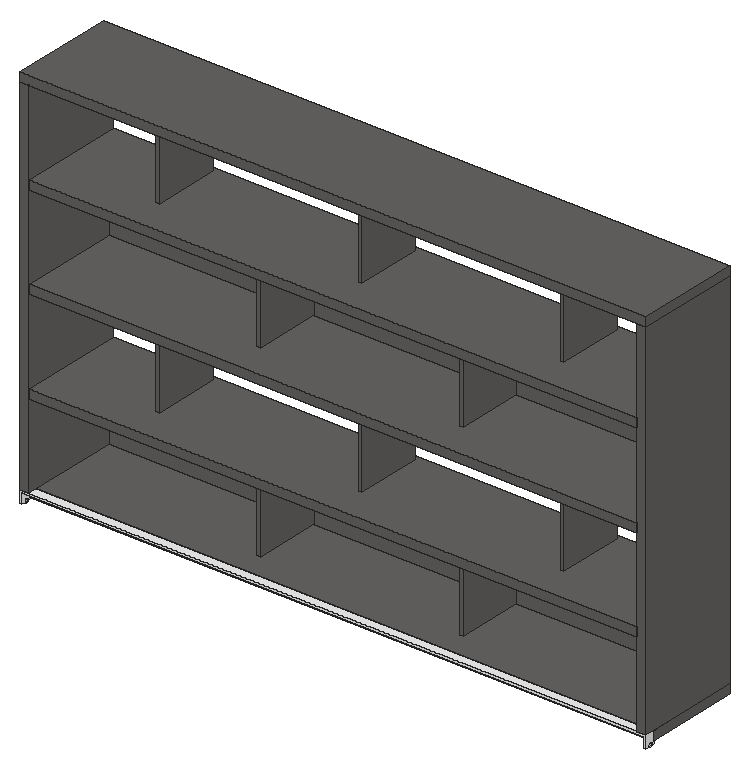
Revit family "Bookcase-Teknion-ZXBC-R2011", category Furniture Systems, Revit 2013
Parameters (values of type "18"x108"x66"")
  Width = 108"
  Warranty = "http://www.teknionstudio.com/pdfs/Teknion%20Studio%20Warranty.pdf"
  Unit Weight = 720.00 lbf
  Unit Finish [instance] = Veneer - Teknion - P7 - Grey Oak
  URL = "www.teknionstudio.com"
  Middle Shelves Visibility = Width = 72"  # no
  Series = "B&B Italia"
  Product Page URL = "http://www.teknionstudio.com/acexecutive/"
  Product Line = "AC Executive"
  Product Documentation Link = "http://www.teknionstudio.com/pricing/ac_executive_ppg.pdf"
  Percentage of Recycled Content = 0
  Part Number = "ZXBC"
  Model = "ZXBC1810866"
  Manufacturer Phone = "919-464-2920"
  Manufacturer Fax = "919-464-2927"
  Manufacturer Email = "customersupport@teknionstudio.com"
  Manufacturer Address = "3940 US 70 Business HWY West, Clayton, NC 27520"
  Manufacturer = "Teknion Studio"  # constant formula
  Low Emitting Material = yes
  Low Emitting Finish = yes
  Height = 66.712"
  Shelves Visibility = Width = 108"  # yes
  Description = "Bookcase, 18\"d x 108\"w x 66\"h"
  Depth = 18"
  Assembly Code = "E2020200"
Types (3): name | Width | Unit Weight | Middle Shelves Visibility | Model | Shelves Visibility | Description
  (no name) | 108" | 720.00 lbf | no | "ZXBC1810866" | yes | "Bookcase, 18\"d x 108\"w x 66\"h"
  18"x72"x66" | 72" | 550.00 lbf | yes | "ZXBC1807266" | no | "Bookcase, 18\"d x 72\"w x 66\"h"
  18"x108"x66" | 108" | 720.00 lbf | no | "ZXBC1810866" | yes | "Bookcase, 18\"d x 108\"w x 66\"h"
Reference planes (in)
  plane 1 "Center F/B": y = 0
  plane 2: z = 0
  plane 3 "Left": x = -46.321
  plane 4 "Back": y = 9
  plane 5 "Front": y = -9
  plane 6 "Flip up Cabinets Top": z = 50.56622
  plane 7 "Right": x = 61.679
  plane 8: z = 18.27467
  plane 9: z = 34.42045
  plane 10: x = -44.7816
  plane 11: z = 2.1289
  plane 12 "Center (Left/Right)": x = 7.679
  plane 13 "Foot Centerline": y = -8.2126
  plane 14: z = 66.712
  plane 15: x = 60.1396
  plane 16: x = -9.80787
  plane 17: x = 25.16587
Forms (in)
  Sweep 1, solid, material "Veneer - Teknion - P7 - Grey Oak" <- "Unit Finish"
    path origin (0, 0, 15.40683) x (-1, 0, 0) y (0, -1, 0)
      loop
        line (-15.76758, -9) -> (-15.76758, 9)
    profile origin (15.76758, 0, 15.40683) x (1, 0, 0) y (0, 0, 1)
      loop
        line (-62.08858, -13.27793) -> (-60.54918, -13.27793) -> (-60.54918, 49.7658) -> (-62.08858, 49.7658) -> (-62.08858, -13.27793)
      loop
        line (45.91142, -13.27793) -> (45.91142, 49.7658) -> (44.37202, 49.7658) -> (44.37202, -13.27793) -> (45.91142, -13.27793)
  Sweep 2, solid, material "Metal - Teknion - C6 - Chrome"
    path origin (0, 0, 0) x (1, 0, 0) y (0, 0, 1)
      loop
        line (-46.321, 0.05803) -> (-46.321, 2.1289) -> (61.679, 2.1289) -> (61.679, 0.05803)
    profile origin (7.679, 0, 2.1289) x (0, 0, 1) y (0, -1, 0)
      loop
        line (0, 9) -> (-0.394, 9) -> (-0.394, 7.4252) -> (0, 7.4252) -> (0, 9)
  Sweep 3, solid, material "Metal - Teknion - C6 - Chrome"
    path origin (0, 0, 0) x (1, 0, 0) y (0, 0, 1)
      loop
        line (-46.321, 2.1289) -> (61.679, 2.1289)
    profile origin (7.679, 0, 2.1289) x (0, 0, 1) y (0, -1, 0)
      loop
        line (-0.394, 7.6222) -> (-1.5748, 7.6222) -> (-1.5748, 7.4252) -> (-0.394, 7.4252) -> (-0.394, 7.6222)
  Revolve 4, solid, material "Metal - Teknion - C6 - Chrome"
    sketch origin (0, -8.2126, 0) x (0, 0, -1) y (1, 0, 0)
      loop
        line (-0.4911, -46.124) -> (-0.4911, -46.45865) -> (-0.45173, -46.49802) -> (-0.28492, -46.49802) -> (-0.24555, -46.45865) -> (-0.20618, -46.49802) -> (-0.03937, -46.49802) -> (0, -46.45865) -> (0, -46.124) -> (-0.4911, -46.124)
      axis (0, -46.124) -> (-0.4911, -46.124)
    angle from 0 to 360
  Sweep 5, solid, material "Veneer - Teknion - P7 - Grey Oak" <- "Unit Finish"
    path origin (0, 0, 0) x (1, 0, 0) y (0, 0, 1)
      loop
        line (-44.7816, 18.27467) -> (60.1396, 18.27467)
    profile origin (7.679, 0, 18.27467) x (0, 0, 1) y (0, -1, 0)
      loop
        line (0, 9) -> (-1.5394, 9) -> (-1.5394, -9) -> (0, -9) -> (0, 9)
      loop
        line (30.75218, -9) -> (32.29155, -9) -> (32.29155, 9) -> (30.75218, 9) -> (30.75218, -9)
      loop
        line (16.14578, 9) -> (14.60641, 9) -> (14.60641, -9) -> (16.14578, -9) -> (16.14578, 9)
  Sweep 6, solid, material "Veneer - Teknion - P7 - Grey Oak" <- "Unit Finish"
    path origin (0, 0, 15.40683) x (-1, 0, 0) y (0, -1, 0)
      loop
        line (-7.679, -8.25197) -> (-7.679, 3.1417)
    profile origin (7.679, 2.55513, 15.40683) x (1, 0, 0) y (0, 0, 1)
      loop
        line (-35.18083, 49.76577) -> (-35.18083, 35.15939) -> (-34.58635, 35.15939) -> (-34.58635, 49.76577) -> (-35.18083, 49.76577)
      loop
        line (35.18083, 49.76577) -> (34.58635, 49.76577) -> (34.58635, 35.15939) -> (35.18083, 35.15939) -> (35.18083, 49.76577)
      loop
        line (-35.18083, 17.47422) -> (-35.18083, 2.86784) -> (-34.58635, 2.86784) -> (-34.58635, 17.47422) -> (-35.18083, 17.47422)
      loop
        line (35.18083, 17.47422) -> (34.58635, 17.47422) -> (34.58635, 2.86784) -> (35.18083, 2.86784) -> (35.18083, 17.47422)
  Sweep 7, solid, material "Veneer - Teknion - P7 - Grey Oak" <- "Unit Finish"
    path origin (0, 0, 48.43733) x (1, 0, 0) y (0, 0, 1)
      loop
        line (-46.321, 18.27467) -> (61.679, 18.27467)
    profile origin (7.679, 0, 66.712) x (0, 0, 1) y (0, -1, 0)
      loop
        line (0, 9) -> (-1.5394, 9) -> (-1.5394, -9) -> (0, -9) -> (0, 9)
      loop
        line (-64.5831, -9) -> (-64.5831, 7.4252) -> (-66.15791, 7.4252) -> (-66.15791, -9) -> (-64.5831, -9)
  Sweep 8, solid, material "Veneer - Teknion - P7 - Grey Oak" <- "Unit Finish"
    path origin (0, 0, -4) x (1, 0, 0) y (0, 0, 1)
      loop
        line (-44.7816, 38.42045) -> (60.1396, 38.42045)
    profile origin (7.679, 0, 34.42045) x (0, 0, 1) y (0, -1, 0)
      loop
        line (14.60641, -8.25197) -> (0, -8.25197) -> (0, -9) -> (14.60641, -9) -> (14.60641, -8.25197)
      loop
        line (-17.68515, -8.25197) -> (-32.29155, -8.25197) -> (-32.29155, -9) -> (-17.68515, -9) -> (-17.68515, -8.25197)
  Sweep 9, solid, material "Veneer - Teknion - P7 - Grey Oak" <- "Unit Finish", visible <- "Shelves Visibility"
    path origin (16.88359, 0, 15.40683) x (-1, 0, 0) y (0, -1, 0)
      loop
        line (9.20459, -8.25197) -> (9.20459, 3.1417)
    profile origin (7.679, 2.55513, 15.40683) x (1, 0, 0) y (0, 0, 1)
      loop
        line (-0.29724, 49.76577) -> (-0.29724, 35.15939) -> (0.29724, 35.15939) -> (0.29724, 49.76577) -> (-0.29724, 49.76577)
      loop
        line (-0.29724, 17.47422) -> (-0.29724, 2.86784) -> (0.29724, 2.86784) -> (0.29724, 17.47422) -> (-0.29724, 17.47422)
  Sweep 10, solid, material "Veneer - Teknion - P7 - Grey Oak" <- "Unit Finish", visible <- "Middle Shelves Visibility"
    path origin (0, 0, 0) x (1, 0, 0) y (0, 1, 0)
      loop
        line (7.679, 8.25197) -> (7.679, -3.1417)
    profile origin (7.679, 2.55513, 0) x (1, 0, 0) y (0, 0, 1)
      loop
        line (-0.29724, 49.02685) -> (-0.29724, 34.42048) -> (0.29724, 34.42048) -> (0.29724, 49.02685) -> (-0.29724, 49.02685)
      loop
        line (-0.29724, 16.7353) -> (-0.29724, 2.12893) -> (0.29724, 2.12893) -> (0.29724, 16.7353) -> (-0.29724, 16.7353)
  Sweep 11, solid, material "Veneer - Teknion - P7 - Grey Oak" <- "Unit Finish", visible <- "Shelves Visibility"
    path origin (0, 0, -0.73894) x (-1, 0, 0) y (0, -1, 0)
      loop
        line (-7.679, -8.25197) -> (-7.679, 3.1417)
    profile origin (7.679, 2.55513, -0.73894) x (1, 0, 0) y (0, 0, 1)
      loop
        line (-17.78411, 49.76577) -> (-17.78411, 35.15939) -> (-17.18962, 35.15939) -> (-17.18962, 49.76577) -> (-17.78411, 49.76577)
      loop
        line (17.78411, 49.76577) -> (17.18962, 49.76577) -> (17.18962, 35.15939) -> (17.78411, 35.15939) -> (17.78411, 49.76577)
      loop
        line (-17.78411, 17.47422) -> (-17.78411, 2.86784) -> (-17.18962, 2.86784) -> (-17.18962, 17.47422) -> (-17.78411, 17.47422)
      loop
        line (17.78411, 17.47422) -> (17.18962, 17.47422) -> (17.18962, 2.86784) -> (17.78411, 2.86784) -> (17.78411, 17.47422)
  Revolve 12, solid, material "Metal - Teknion - C6 - Chrome"
    sketch origin (15.358, -8.2126, 0) x (0, 0, -1) y (-1, 0, 0)
      loop
        line (-0.4911, -46.124) -> (-0.4911, -46.45865) -> (-0.45173, -46.49802) -> (-0.28492, -46.49802) -> (-0.24555, -46.45865) -> (-0.20618, -46.49802) -> (-0.03937, -46.49802) -> (0, -46.45865) -> (0, -46.124) -> (-0.4911, -46.124)
      axis (0, -46.124) -> (-0.4911, -46.124)
    angle from 0 to 360
Cuts and joins
  joined: Sweep 2, Sweep 3, Revolve 4
Lines and regions (in)
  Masking region 1
    outline origin (0, 0, 15.40683) x (-1, 0, 0) y (0, -1, 0)
      loop
        line (46.321, -9) -> (46.321, 9) -> (-61.679, 9) -> (-61.679, -9) -> (46.321, -9)
Dimensions and locks (in)
  "Width": plane 3 "Left" to plane 7 "Right"
  equal spacing: plane 4 "Back", plane 1 "Center F/B", plane 5 "Front"
  "Depth": plane 4 "Back" to plane 5 "Front"
  "Height": plane 14 to plane 2
  locked: plane 11 to plane 2 at 2.1289
  locked: Sweep 2 sketch curve to plane 2 at 0.05803  (x2)
  locked: plane 11 to Sweep 3 sketch curve at 0.394
  locked: Sweep 3 sketch curve to Sweep 3 sketch curve at 1.1808
  plane 5 "Front" to Sweep 3 sketch curve to Sweep 3 sketch curve = 1.3778" locked, 0.197" locked
  locked: plane 5 "Front" to plane 13 "Foot Centerline" at 0.7874
  locked: plane 8 to Sweep 5 sketch curve at 1.5394
  locked: plane 6 "Flip up Cabinets Top" to Sweep 5 sketch curve at 1.53937
  locked: plane 3 "Left" to plane 10 at 1.5394
  equal spacing: plane 3 "Left", plane 12 "Center (Left/Right)", plane 7 "Right"
  locked: plane 7 "Right" to plane 15 at 1.5394
  equal spacing: plane 14, plane 6 "Flip up Cabinets Top", plane 9, plane 8, plane 11
  locked: plane 14 to Sweep 1 sketch curve at 1.53937  (x2)
  locked: plane 9 to Sweep 5 sketch curve at 1.53937
  locked: plane 14 to Sweep 7 sketch curve at 1.5394
  locked: plane 11 to Sweep 7 sketch curve at 1.5748
  locked: Sweep 7 sketch curve to plane 5 "Front" at 1.5748
  locked: Sweep 6 sketch curve to Sweep 6 sketch curve at 0.59449  (x4)
  locked: plane 4 "Back" to Sweep 6 sketch curve at 0.74803
  locked: plane 4 "Back" to Sweep 6 sketch curve at 12.1417
  locked: plane 14 to Sweep 6 sketch curve at 1.5394
  locked: plane 9 to Sweep 6 sketch curve at 1.5394  (x2)
  locked: Sweep 6 sketch curve to plane 3 "Left" at 18.81917  (x2)
  locked: plane 7 "Right" to Sweep 6 sketch curve at 18.81917  (x2)
  locked: plane 4 "Back" to Sweep 8 sketch curve at 0.74803  (x2)
  locked: plane 8 to Sweep 8 sketch curve at 1.53937
  locked: plane 6 "Flip up Cabinets Top" to Sweep 8 sketch curve at 1.53937
  Sweep 9 sketch curve to plane 12 "Center (Left/Right)" to Sweep 9 sketch curve = 0.29724" locked, 0.29724" locked  (x2)
  locked: plane 9 to Sweep 9 sketch curve at 1.5394
  locked: plane 14 to Sweep 9 sketch curve at 1.5394
  Sweep 9 sketch curve to Sweep 9 sketch curve to plane 4 "Back" = 11.39367" locked, 0.74803" locked
  locked: Sweep 10 sketch curve to Sweep 10 sketch curve at 0.59449  (x2)
  locked: plane 6 "Flip up Cabinets Top" to Sweep 11 sketch curve at 1.5394  (x2)
  locked: plane 8 to Sweep 11 sketch curve at 1.5394  (x2)
  Revolve 4 sketch curve to Revolve 4 sketch curve to Revolve 4 sketch curve to Revolve 4 sketch curve to Revolve 4 sketch curve = 0.16681" locked, 0.03937" locked, 0.03937" locked, 0.16681" locked
  locked: Revolve 4 sketch curve to plane 3 "Left" at 0.197
  Revolve 12 sketch curve to Revolve 12 sketch curve to Revolve 12 sketch curve to Revolve 12 sketch curve to Revolve 12 sketch curve = 0.16681" locked, 0.03937" locked, 0.03937" locked, 0.16681" locked
  locked: plane 7 "Right" to Revolve 12 sketch curve at 0.197
  equal spacing: plane 15, plane 17, plane 16, plane 10
  locked: plane 4 "Back" to Sweep 10 sketch curve at 0.74803
  locked: plane 4 "Back" to Sweep 10 sketch curve at 12.1417
  locked: plane 12 "Center (Left/Right)" to Sweep 10 sketch curve at 0.29724  (x2)
  plane 6 "Flip up Cabinets Top" to Sweep 10 sketch curve to Sweep 10 sketch curve = 1.53937" locked, 14.60638" locked
  plane 8 to Sweep 10 sketch curve to Sweep 10 sketch curve = 1.53937" locked, 14.60638" locked
  aligned and locked: level to plane 2
  aligned and locked: plane 4 "Back" to Sweep 1 sketch curve
  aligned and locked: plane 5 "Front" to Sweep 1 sketch curve
  aligned and locked: plane 3 "Left" to Sweep 1 sketch curve  (x2)
  aligned and locked: Sweep 2 sketch curve to plane 11  (x2)
  aligned and locked: Sweep 2 sketch curve to plane 5 "Front"
  aligned and locked: Sweep 3 sketch curve to plane 11
  aligned and locked: plane 10 to Sweep 5 sketch curve
  aligned and locked: Sweep 5 sketch curve to plane 8  (x2)
  aligned and locked: Sweep 5 sketch curve to plane 5 "Front"  (x2)
  aligned and locked: plane 4 "Back" to Sweep 5 sketch curve  (x3)
  aligned and locked: Masking region 1 sketch curve to plane 4 "Back"
  aligned and locked: plane 3 "Left" to Masking region 1 sketch curve
  aligned and locked: Masking region 1 sketch curve to plane 5 "Front"
  aligned and locked: Sweep 6 sketch curve to plane 12 "Center (Left/Right)"
  aligned and locked: plane 6 "Flip up Cabinets Top" to Sweep 6 sketch curve
  aligned and locked: Sweep 5 sketch curve to plane 6 "Flip up Cabinets Top"
  aligned and locked: Sweep 1 sketch curve to plane 10
  aligned and locked: plane 15 to Sweep 1 sketch curve
  aligned and locked: plane 15 to Sweep 5 sketch curve
  aligned and locked: plane 9 to Sweep 5 sketch curve
  aligned and locked: plane 11 to Sweep 1 sketch curve
  aligned and locked: Sweep 1 sketch curve to plane 11
  aligned and locked: plane 5 "Front" to Sweep 5 sketch curve
  aligned and locked: Sweep 7 sketch curve to plane 4 "Back"  (x2)
  aligned and locked: plane 5 "Front" to Sweep 7 sketch curve
  aligned and locked: plane 14 to Sweep 7 sketch curve
  aligned and locked: plane 3 "Left" to Sweep 7 sketch curve
  aligned and locked: plane 7 "Right" to Sweep 7 sketch curve
  aligned and locked: Sweep 7 sketch curve to plane 14
  aligned and locked: Sweep 2 sketch curve to plane 7 "Right"
  aligned and locked: Sweep 2 sketch curve to plane 3 "Left"
  aligned and locked: plane 3 "Left" to Sweep 3 sketch curve
  aligned and locked: plane 7 "Right" to Sweep 3 sketch curve
  aligned and locked: Sweep 7 sketch curve to plane 11
  aligned and locked: Sweep 6 sketch curve to plane 8
  aligned and locked: plane 8 to Sweep 6 sketch curve
  aligned and locked: Sweep 8 sketch curve to plane 9  (x2)
  aligned and locked: plane 10 to Sweep 8 sketch curve
  aligned and locked: plane 15 to Sweep 8 sketch curve
  aligned and locked: plane 4 "Back" to Sweep 8 sketch curve  (x2)
  aligned and locked: Sweep 8 sketch curve to plane 11
  aligned and locked: plane 8 to Sweep 9 sketch curve
  aligned and locked: plane 6 "Flip up Cabinets Top" to Sweep 9 sketch curve
  aligned and locked: Sweep 9 sketch curve to plane 12 "Center (Left/Right)"
  aligned and locked: plane 9 to Sweep 11 sketch curve
  aligned and locked: plane 11 to Sweep 11 sketch curve
  aligned and locked: Sweep 11 sketch curve to plane 11
  aligned and locked: Sweep 11 sketch curve to plane 9
  aligned and locked: Revolve 4 sketch curve to plane 2
  aligned and locked: Revolve 12 sketch curve to plane 2
  aligned and locked: Sweep 10 sketch curve to plane 12 "Center (Left/Right)"
Automatic sketch dimensions
  plane 12 "Center (Left/Right)" to Sweep 1 sketch curve = 8.08858"
  Sweep 1 sketch curve to Sweep 1 sketch curve = 1.5394"
  profile plane to Sweep 2 sketch curve = 0.394"
  Sweep 2 sketch curve to Sweep 2 sketch curve = 1.5748"
  level to Revolve 4 sketch curve = 0.03937"
  Revolve 4 sketch curve to plane 3 "Left" = 0.13765"  (x2)
  Revolve 4 sketch curve to Revolve 4 sketch curve = 0.03937"  (x3)
  Revolve 4 sketch curve to Revolve 4 sketch curve = 0.73976"
  Revolve 4 sketch curve to level = 0.43399"
  plane 3 "Left" to Revolve 4 sketch curve = 0.197"
  Masking region 1 sketch curve to plane 7 "Right" = 0"
  Sweep 6 sketch curve to Sweep 6 sketch curve = 17.68518"
  Sweep 6 sketch curve to Sweep 6 sketch curve = 14.60638"
  Sweep 11 sketch curve to plane 12 "Center (Left/Right)" = 0"
  Sweep 11 sketch curve to plane 4 "Back" = 0.74803"
  plane 1 "Center F/B" to Sweep 11 sketch curve = 3.1417"
  Sweep 11 sketch curve to plane 16 = 0.29724"  (x2)
  plane 16 to Sweep 11 sketch curve = 0.29724"  (x2)
  plane 17 to Sweep 11 sketch curve = 0.29724"  (x2)
  Sweep 11 sketch curve to plane 17 = 0.29724"  (x2)
  Revolve 12 sketch curve to level = 0.03937"
  Revolve 12 sketch curve to plane 7 "Right" = 0.13765"  (x2)
  Revolve 12 sketch curve to Revolve 12 sketch curve = 0.03937"  (x3)
  Revolve 12 sketch curve to Revolve 12 sketch curve = 0.73976"
  level to Revolve 12 sketch curve = 0.43399"
  plane 7 "Right" to Revolve 12 sketch curve = 0.197"
